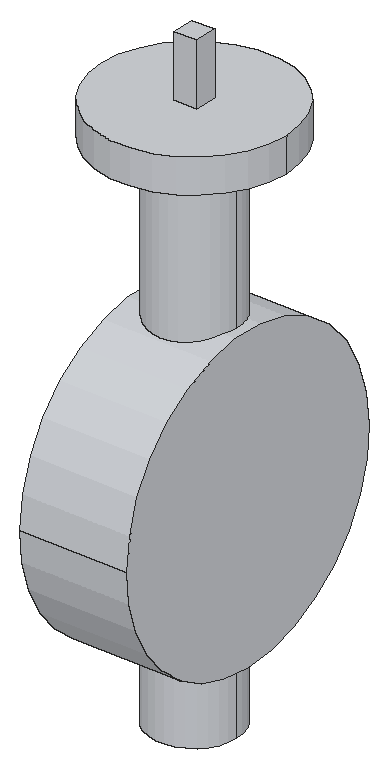
Revit family "HS497-68_disk-nerez_volné vřeteno DN080-RFA_2018", category Pipe Accessories, Revit 2018
Family settings
  Round Connector Dimension = Use Diameter
  Part Type = Valve - Breaks Into
  Work Plane-Based = No
  Always vertical = Yes
  Cut with Voids When Loaded = No
  Shared = No
Parameters (values of type "HS 497-68_DN100_PN16_volné vřeteno")
  magiProductId = "65d1b245f4f142c78569c0602d5754"
  magiProductFamilyId = "53cea81e6f374d17b8841d9c72ad77"
  magiPartTypeId = 305
  isMeasuringValve [instance] = no
  ang2D [instance] = 0.00°
  X11 = 61.456 mm
  X1 = 25.456 mm
  W2D = 1000 mm
  VersionID = "2.0/2017.9.26.1/ZETKAMA_497_001"
  Use Minimum Symbol Size [instance] = yes
  URL = "http://www.hydronic.cz"
  Type Comments = "mezipřírubová; nerezový disk; PN16; -10~+110°C (krátkodobě +120°C)"
  SW30 = no
  SW3 = no
  SW21 = no
  SW20 = no
  SW2 = no
  SW1 = yes
  R = 50 mm
  QmdConnectorList = "301;D;302;D"
  Productdata [instance] = ""
  NC = 50 mm
  Manufacturer = "Hydronic Systems Prague s.r.o."
  MM20 = 25.456 mm
  MC Product Code = "124 100 (nerezový disk, s volným vřetenem; DN100; PN16, kvs512)"
  M41 = 66 mm
  M4 = 44 mm
  LHL = 220 mm
  LHH3 = 2.45 mm
  LHH1 = 46.55 mm
  LH1 = 73.333 mm
  L4R__ve = -L4R  # -12.8 mm
  L4R = 12.8 mm
  L42__ve = -L42  # -96 mm
  L42 = 96 mm
  L41__ve = -L41  # -19.2 mm
  L41 = 19.2 mm
  L2D_Min = 3048 mm
  L2D = 216 mm
  L2 = 26 mm
  L1 = 41.6 mm
  L = 52 mm
  H = 30 mm
  G22 = 11.25 mm
  G2 = 22.5 mm
  G1 = 90 mm
  G = 90 mm
  F = 11 mm
  E44 = 31.25 mm
  E42 = 62.5 mm
  E4 = 125 mm
  E23 = 4.9 mm
  E22 = 19.6 mm
  E21 = 9.8 mm
  Description = "Mezipřírubová uzavírací klapka s volným vřetenem; nerezový disk, DN100; PN16; kvs512"
  DR2 = 50 mm
  DR = 147 mm
  DD1 = 15.625 mm
  DD = 12.5 mm
  D = 100 mm
  CAT0 = yes
  B2__ve = -B2  # -56 mm
  B2 = 56 mm
  A2 = 16.5 mm
  A1 = 98.5 mm
Types (43, lengths in mm): name | magiProductId | X11 | X1 | Type Comments | SW30 | SW3 | SW20 | SW2 | SW1 | R | NC | Manufacturer | MM20 | MC Product Code | M41 | M4 | LHL | LHH3 | LHH1 | LH1 | L4R__ve | L4R | L42__ve | L42 | L41__ve | L41 | L2 | L1 | L | H | G | F | E44 | E42 | E4 | E23 | E22 | E21 | Description | DR2 | DR | DD1 | DD | D | B2__ve | B2 | A2 | A1
  HS 497-68_DN100_PN16_volné vřeteno | "65d1b245f4f142c78569c0602d5754" | 61.456 | 25.456 | "mezipřírubová; nerezový disk; PN16; -10~+110°C (krátkodobě +120°C)" | no | no | no | no | yes | 50 | 50 | "Hydronic Systems Prague s.r.o." | 25.456 | "124 100 (nerezový disk, s volným vřetenem; DN100; PN16, kvs512)" | 66 | 44 | 220 | 2.45 | 46.55 | 73.333 | -12.8 | 12.8 | -96 | 96 | -19.2 | 19.2 | 26 | 41.6 | 52 | 30 | 90 | 11 | 31.25 | 62.5 | 125 | 4.9 | 19.6 | 9.8 | "Mezipřírubová uzavírací klapka s volným vřetenem; nerezový disk, DN100; PN16; kvs512" | 50 | 147 | 15.625 | 12.5 | 100 | -56 | 56 | 16.5 | 98.5
  HS 497-68_DN100_PN16_převodové kolo | "11e91b807e674d428c8e796fcdcfe2" | 61.456 | 25.456 | "mezipřírubová; nerezový disk; PN16; -10~+110°C (krátkodobě +120°C)" | yes | yes | no | no | no | 50 | 50 | "Hydronic Systems Prague s.r.o." | 25.456 | "126 100 (nerezový disk, s převodovým kolem; DN100; PN16, kvs512)" | 65.25 | 43.5 | 220 | 2.45 | 46.55 | 73.333 | -12.8 | 12.8 | -96 | 96 | -19.2 | 19.2 | 26 | 41.6 | 52 | 30 | 90 | 11 | 31.25 | 62.5 | 125 | 4.9 | 19.6 | 9.8 | "Mezipřírubová uzavírací klapka s převodovým kolem; nerezový disk, DN100; PN16; kvs512" | 50 | 147 | 15.625 | 12.5 | 100 | -56 | 56 | 16.5 | 98.5
  HS 497-68_DN100_PN16_s pákou | "28172f0b3f4b47b28323ac71cf8749" | 61.456 | 25.456 | "mezipřírubová; nerezový disk; PN16; -10~+110°C (krátkodobě +120°C)" | no | no | yes | yes | no | 50 | 50 | "Hydronic Systems Prague s.r.o." | 25.456 | "121 100 (nerezový disk, s pákou; DN100; PN16, kvs512)" | 66 | 44 | 260 | 3 | 57 | 86.667 | -12.8 | 12.8 | -96 | 96 | -19.2 | 19.2 | 26 | 41.6 | 52 | 30 | 90 | 11 | 31.25 | 62.5 | 125 | 6 | 24 | 12 | "Mezipřírubová uzavírací klapka s pákou; nerezový disk, DN100; PN16; kvs512" | 50 | 147 | 15.625 | 12.5 | 100 | -56 | 56 | 16.5 | 98.5
  HS 497-68_DN125_PN16_volné vřeteno | "0d813d910fc14f628bb3c2efbd185c" | 61.456 | 25.456 | "mezipřírubová; nerezový disk; PN16; -10~+110°C (krátkodobě +120°C)" | no | no | no | no | yes | 62.5 | 50 | "Hydronic Systems Prague s.r.o." | 25.456 | "124 125 (nerezový disk, s volným vřetenem; DN125; PN16, kvs872)" | 66 | 44 | 220 | 2.45 | 46.55 | 73.333 | -12.8 | 12.8 | -96 | 96 | -19.2 | 19.2 | 28 | 44.8 | 56 | 33 | 90 | 14 | 31.25 | 62.5 | 125 | 4.9 | 19.6 | 9.8 | "Mezipřírubová uzavírací klapka s volným vřetenem; nerezový disk, DN125; PN16; kvs872" | 62.5 | 180 | 15.625 | 12.5 | 125 | -64 | 64 | 18 | 99.5
  HS 497-68_DN125_PN16_převodové kolo | "c56b7c13f372467684996fb1e0e229" | 61.456 | 25.456 | "mezipřírubová; nerezový disk; PN16; -10~+110°C (krátkodobě +120°C)" | yes | yes | no | no | no | 62.5 | 50 | "Hydronic Systems Prague s.r.o." | 25.456 | "126125 (nerezový disk, s převodovým kolem; DN125; PN16, kvs872)" | 65.25 | 43.5 | 220 | 2.45 | 46.55 | 73.333 | -13.5 | 13.5 | -101.25 | 101.25 | -20.25 | 20.25 | 28 | 44.8 | 56 | 33 | 90 | 14 | 40 | 80 | 160 | 4.9 | 19.6 | 9.8 | "Mezipřírubová uzavírací klapka s převodovým kolem; nerezový disk, DN125; PN16; kvs872" | 62.5 | 180 | 20 | 16 | 125 | -64 | 64 | 18 | 99.5
  HS 497-68_DN125_PN16_s pákou | "105993c79a91492399feef7931321a" | 61.456 | 25.456 | "mezipřírubová; nerezový disk; PN16; -10~+110°C (krátkodobě +120°C)" | no | no | yes | yes | no | 62.5 | 50 | "Hydronic Systems Prague s.r.o." | 25.456 | "121 125 (nerezový disk, s pákou; DN125; PN16, kvs872)" | 66 | 44 | 315 | 3.75 | 71.25 | 105 | -12.8 | 12.8 | -96 | 96 | -19.2 | 19.2 | 28 | 44.8 | 56 | 33 | 90 | 14 | 31.25 | 62.5 | 125 | 7.5 | 30 | 15 | "Mezipřírubová uzavírací klapka s pákou; nerezový disk, DN125; PN16; kvs872" | 62.5 | 180 | 15.625 | 12.5 | 125 | -64 | 64 | 18 | 99.5
  HS 497-68_DN150_PN16_volné vřeteno | "50c80cb8ab434f55ab7796e5ac1331" | 61.456 | 25.456 | "mezipřírubová; nerezový disk; PN16; -10~+110°C (krátkodobě +120°C)" | no | no | no | no | yes | 75 | 50 | "Hydronic Systems Prague s.r.o." | 25.456 | "124 150 (nerezový disk, s volným vřetenem; DN150; PN16, kvs1347)" | 66 | 44 | 220 | 2.45 | 46.55 | 73.333 | -12.8 | 12.8 | -96 | 96 | -19.2 | 19.2 | 28 | 44.8 | 56 | 33 | 90 | 14 | 31.25 | 62.5 | 125 | 4.9 | 19.6 | 9.8 | "Mezipřírubová uzavírací klapka s volným vřetenem; nerezový disk, DN150; PN16; kvs1347" | 75 | 206 | 15.625 | 12.5 | 150 | -58 | 58 | 19.3 | 98.7
  HS 497-68_DN150_PN16_převodové kolo | "d94a1a0cf83b476eb10011b327f709" | 61.456 | 25.456 | "mezipřírubová; nerezový disk; PN16; -10~+110°C (krátkodobě +120°C)" | yes | yes | no | no | no | 75 | 50 | "Hydronic Systems Prague s.r.o." | 25.456 | "126 150 (nerezový disk, s převodovým kolem; DN150; PN16, kvs1347)" | 65.25 | 43.5 | 220 | 2.45 | 46.55 | 73.333 | -13.5 | 13.5 | -101.25 | 101.25 | -20.25 | 20.25 | 28 | 44.8 | 56 | 33 | 90 | 14 | 40 | 80 | 160 | 4.9 | 19.6 | 9.8 | "Mezipřírubová uzavírací klapka s převodovým kolem; nerezový disk, DN150; PN16; kvs1347" | 75 | 206 | 20 | 16 | 150 | -58 | 58 | 19.3 | 98.7
  HS 497-68_DN150_PN16_s pákou | "4d2835523fe84828bc50ff0a5a0dfb" | 61.456 | 25.456 | "mezipřírubová; nerezový disk; PN16; -10~+110°C (krátkodobě +120°C)" | no | no | yes | yes | no | 75 | 50 | "Hydronic Systems Prague s.r.o." | 25.456 | "121 150 (nerezový disk, s pákou; DN150; PN16, kvs1347)" | 66 | 44 | 315 | 3.75 | 71.25 | 105 | -12.8 | 12.8 | -96 | 96 | -19.2 | 19.2 | 28 | 44.8 | 56 | 33 | 90 | 14 | 31.25 | 62.5 | 125 | 7.5 | 30 | 15 | "Mezipřírubová uzavírací klapka s pákou; nerezový disk, DN150; PN16; kvs1347" | 75 | 206 | 15.625 | 12.5 | 150 | -58 | 58 | 19.3 | 98.7
  HS 497-68_DN200_PN16_volné vřeteno | "5b29029eaeba47139ee1055a4b9201" | 61.456 | 25.456 | "mezipřírubová; nerezový disk; PN16; -10~+110°C (krátkodobě +120°C)" | no | no | no | no | yes | 100 | 50 | "Hydronic Systems Prague s.r.o." | 25.456 | "124 200 (nerezový disk, s volným vřetenem; DN200; PN16, kvs2675)" | 66 | 44 | 220 | 2.45 | 46.55 | 73.333 | -12.8 | 12.8 | -96 | 96 | -19.2 | 19.2 | 30 | 48 | 60 | 33 | 90 | 17 | 31.25 | 62.5 | 125 | 4.9 | 19.6 | 9.8 | "Mezipřírubová uzavírací klapka s volným vřetenem; nerezový disk, DN200; PN16; kvs2675" | 100 | 257 | 15.625 | 12.5 | 200 | -70 | 70 | 22.5 | 102.5
  HS 497-68_DN200_PN16_převodové kolo | "b2793cc1fcc44cf2a35062cd67c04f" | 61.456 | 25.456 | "mezipřírubová; nerezový disk; PN16; -10~+110°C (krátkodobě +120°C)" | yes | yes | no | no | no | 100 | 57 | "Hydronic Systems Prague s.r.o." | 25.456 | "126 200 (nerezový disk, s převodovým kolem; DN200; PN16, kvs2675)" | 78.75 | 52.5 | 220 | 2.45 | 46.55 | 73.333 | -15.2 | 15.2 | -114 | 114 | -22.8 | 22.8 | 30 | 48 | 60 | 33 | 90 | 17 | 50 | 100 | 200 | 4.9 | 19.6 | 9.8 | "Mezipřírubová uzavírací klapka s převodovým kolem; nerezový disk, DN200; PN16; kvs2675" | 100 | 257 | 25 | 20 | 200 | -70 | 70 | 22.5 | 102.5
  HS 497-68_DN200_PN16_s pákou | "f88d96c7af224537a51e72d7d8fffe" | 61.456 | 25.456 | "mezipřírubová; nerezový disk; PN16; -10~+110°C (krátkodobě +120°C)" | no | no | yes | yes | no | 100 | 50 | "Hydronic Systems Prague s.r.o." | 25.456 | "121 200 (nerezový disk, s pákou; DN200; PN16, kvs2675)" | 66 | 44 | 315 | 3.75 | 71.25 | 105 | -12.8 | 12.8 | -96 | 96 | -19.2 | 19.2 | 30 | 48 | 60 | 33 | 90 | 17 | 31.25 | 62.5 | 125 | 7.5 | 30 | 15 | "Mezipřírubová uzavírací klapka s pákou; nerezový disk, DN200; PN16; kvs2675" | 100 | 257 | 15.625 | 12.5 | 200 | -70 | 70 | 22.5 | 102.5
  HS 497-68_DN250_PN16_volné vřeteno | "b662e8305ca2402b9c510e66e6aa55" | 88.77 | 36.77 | "mezipřírubová; nerezový disk; PN16; -10~+110°C (krátkodobě +120°C)" | no | no | no | no | yes | 125 | 50 | "Hydronic Systems Prague s.r.o." | 36.77 | "124 250 (nerezový disk, s volným vřetenem; DN250; PN16, kvs4555)" | 66 | 44 | 220 | 2.45 | 46.55 | 73.333 | -12.8 | 12.8 | -96 | 96 | -19.2 | 19.2 | 34 | 54.4 | 68 | 23 | 130 | 22 | 31.25 | 62.5 | 125 | 4.9 | 19.6 | 9.8 | "Mezipřírubová uzavírací klapka s volným vřetenem; nerezový disk, DN250; PN16; kvs4555" | 125 | 324 | 15.625 | 12.5 | 250 | -85 | 85 | 28.25 | 129.25
  HS 497-68_DN250_PN16_převodové kolo | "5ee9016806664ddfaa2632711f295c" | 88.77 | 36.77 | "mezipřírubová; nerezový disk; PN16; -10~+110°C (krátkodobě +120°C)" | yes | yes | no | no | no | 125 | 70 | "Hydronic Systems Prague s.r.o." | 36.77 | "126 250 (nerezový disk, s převodovým kolem; DN250; PN16, kvs4555)" | 91.5 | 61 | 220 | 2.45 | 46.55 | 73.333 | -22.2 | 22.2 | -166.5 | 166.5 | -33.3 | 33.3 | 34 | 54.4 | 68 | 23 | 130 | 22 | 62.5 | 125 | 250 | 4.9 | 19.6 | 9.8 | "Mezipřírubová uzavírací klapka s převodovým kolem; nerezový disk, DN250; PN16; kvs4555" | 125 | 324 | 31.25 | 25 | 250 | -85 | 85 | 28.25 | 129.25
  HS 497-68_DN300_PN16_volné vřeteno | "e1886f51ff004380a649519258edf2" | 88.77 | 36.77 | "mezipřírubová; nerezový disk; PN16; -10~+110°C (krátkodobě +120°C)" | no | no | no | no | yes | 150 | 50 | "Hydronic Systems Prague s.r.o." | 36.77 | "124 300 (nerezový disk, s volným vřetenem; DN300; PN16, kvs7037)" | 66 | 44 | 220 | 2.45 | 46.55 | 73.333 | -12.8 | 12.8 | -96 | 96 | -19.2 | 19.2 | 39 | 62.4 | 78 | 23 | 130 | 22 | 31.25 | 62.5 | 125 | 4.9 | 19.6 | 9.8 | "Mezipřírubová uzavírací klapka s volným vřetenem; nerezový disk, DN300; PN16; kvs7037" | 150 | 376 | 15.625 | 12.5 | 300 | -90 | 90 | 30.8 | 127.2
  HS 497-68_DN300_PN16_převodové kolo | "6860f094f77d42088fbebc3c97f755" | 88.77 | 36.77 | "mezipřírubová; nerezový disk; PN16; -10~+110°C (krátkodobě +120°C)" | yes | yes | no | no | no | 150 | 70 | "Hydronic Systems Prague s.r.o." | 36.77 | "126 300 (nerezový disk, s převodovým kolem; DN300; PN16, kvs7037)" | 91.5 | 61 | 220 | 2.45 | 46.55 | 73.333 | -22.2 | 22.2 | -166.5 | 166.5 | -33.3 | 33.3 | 39 | 62.4 | 78 | 23 | 130 | 22 | 62.5 | 125 | 250 | 4.9 | 19.6 | 9.8 | "Mezipřírubová uzavírací klapka s převodovým kolem; nerezový disk, DN300; PN16; kvs7037" | 150 | 376 | 31.25 | 25 | 300 | -90 | 90 | 30.8 | 127.2
  HS 497-68_DN032_PN16_volné vřeteno | "8c5f65de52aa4067a77564107e31b2" | 61.456 | 25.456 | "mezipřírubová; nerezový disk; PN16; -10~+110°C (krátkodobě +120°C)" | no | no | no | no | yes | 16 | 50 | "Hydronic Systems Prague s.r.o." | 25.456 | "124 032 (nerezový disk, s volným vřetenem; DN32; PN16, kvs78)" | 66 | 44 | 220 | 2.45 | 46.55 | 73.333 | -12.8 | 12.8 | -96 | 96 | -19.2 | 19.2 | 16.5 | 26.4 | 33 | 30 | 90 | 11 | 31.25 | 62.5 | 125 | 4.9 | 19.6 | 9.8 | "Mezipřírubová uzavírací klapka s volným vřetenem; nerezový disk, DN32; PN16; kvs78" | 16 | 68 | 15.625 | 12.5 | 32 | -44.2 | 44.2 | 10.25 | 76.25
  HS 497-68_DN032_PN16_převodové kolo | "60aaeffa8b3a4e809ef000e4660060" | 61.456 | 25.456 | "mezipřírubová; nerezový disk; PN16; -10~+110°C (krátkodobě +120°C)" | yes | yes | no | no | no | 16 | 50 | "Hydronic Systems Prague s.r.o." | 25.456 | "126 032 (nerezový disk, s převodovým kolem; DN32; PN16, kvs78)" | 65.25 | 43.5 | 220 | 2.45 | 46.55 | 73.333 | -12.8 | 12.8 | -96 | 96 | -19.2 | 19.2 | 16.5 | 26.4 | 33 | 30 | 90 | 11 | 31.25 | 62.5 | 125 | 4.9 | 19.6 | 9.8 | "Mezipřírubová uzavírací klapka s převodovým kolem; nerezový disk, DN32; PN16; kvs78" | 16 | 68 | 15.625 | 12.5 | 32 | -44.2 | 44.2 | 10.25 | 76.25
  HS 497-68_DN032_PN16_s pákou | "9ad8088d610749a1b871aa2aad8007" | 61.456 | 25.456 | "mezipřírubová; nerezový disk; PN16; -10~+110°C (krátkodobě +120°C)" | no | no | yes | yes | no | 16 | 50 | "Hydronic Systems Prague s.r.o." | 25.456 | "121 032 (nerezový disk, s pákou; DN32; PN16, kvs78)" | 66 | 44 | 220 | 2.45 | 46.55 | 73.333 | -12.8 | 12.8 | -96 | 96 | -19.2 | 19.2 | 16.5 | 26.4 | 33 | 30 | 90 | 11 | 31.25 | 62.5 | 125 | 4.9 | 19.6 | 9.8 | "Mezipřírubová uzavírací klapka s pákou; nerezový disk, DN32; PN16; kvs78" | 16 | 68 | 15.625 | 12.5 | 32 | -44.2 | 44.2 | 10.25 | 76.25
  HS 497-68_DN350_PN10_volné vřeteno | "72a1e05f22944421b7e9596a877137" | 109.255 | 45.255 | "mezipřírubová; nerezový disk; PN10; -10~+110°C (krátkodobě +120°C)" | no | no | no | no | yes | 175 | 50 | "Hydronic Systems Prague s.r.o." | 45.255 | "124 350 (nerezový disk, s volným vřetenem; DN350; PN10, kvs10165)" | 66 | 44 | 220 | 2.45 | 46.55 | 73.333 | -12.8 | 12.8 | -96 | 96 | -19.2 | 19.2 | 39 | 62.4 | 78 | 31 | 160 | 22 | 31.25 | 62.5 | 125 | 4.9 | 19.6 | 9.8 | "Mezipřírubová uzavírací klapka s volným vřetenem; nerezový disk, DN350; PN10; kvs10165" | 175 | 430 | 15.625 | 12.5 | 350 | -88 | 88 | 33.85 | 129.65
  HS 497-68_DN350_PN10_převodové kolo | "a5a01426cb28494ba3afca92f1dace" | 109.255 | 45.255 | "mezipřírubová; nerezový disk; PN10; -10~+110°C (krátkodobě +120°C)" | yes | yes | no | no | no | 175 | 70 | "Hydronic Systems Prague s.r.o." | 45.255 | "126 350 (nerezový disk, s převodovým kolem; DN350; PN10, kvs10165)" | 91.5 | 61 | 220 | 2.45 | 46.55 | 73.333 | -22.2 | 22.2 | -166.5 | 166.5 | -33.3 | 33.3 | 39 | 62.4 | 78 | 31 | 160 | 22 | 62.5 | 125 | 250 | 4.9 | 19.6 | 9.8 | "Mezipřírubová uzavírací klapka s převodovým kolem; nerezový disk, DN350; PN10; kvs10165" | 175 | 430 | 31.25 | 25 | 350 | -88 | 88 | 33.85 | 129.65
  HS 497-68_DN400_PN10_volné vřeteno | "c70ebeb927c04ab99b176e257ad0a7" | 109.255 | 45.255 | "mezipřírubová; nerezový disk; PN10; -10~+110°C (krátkodobě +120°C)" | no | no | no | no | yes | 200 | 50 | "Hydronic Systems Prague s.r.o." | 45.255 | "124 400 (nerezový disk, s volným vřetenem; DN400; PN10, kvs13799)" | 66 | 44 | 220 | 2.45 | 46.55 | 73.333 | -12.8 | 12.8 | -96 | 96 | -19.2 | 19.2 | 51 | 81.6 | 102 | 31 | 160 | 27 | 31.25 | 62.5 | 125 | 4.9 | 19.6 | 9.8 | "Mezipřírubová uzavírací klapka s volným vřetenem; nerezový disk, DN400; PN10; kvs13799" | 200 | 485 | 15.625 | 12.5 | 400 | -108 | 108 | 38 | 142
  HS 497-68_DN400_PN10_převodové kolo | "cc64a4384dcb41b780d81810f4f293" | 109.255 | 45.255 | "mezipřírubová; nerezový disk; PN10; -10~+110°C (krátkodobě +120°C)" | yes | yes | no | no | no | 200 | 72.5 | "Hydronic Systems Prague s.r.o." | 45.255 | "126 400 (nerezový disk, s převodovým kolem; DN400; PN10, kvs13799)" | 103.5 | 69 | 220 | 2.45 | 46.55 | 73.333 | -27.8 | 27.8 | -208.5 | 208.5 | -41.7 | 41.7 | 51 | 81.6 | 102 | 31 | 160 | 27 | 75 | 150 | 300 | 4.9 | 19.6 | 9.8 | "Mezipřírubová uzavírací klapka s převodovým kolem; nerezový disk, DN400; PN10; kvs13799" | 200 | 485 | 37.5 | 30 | 400 | -108 | 108 | 38 | 142
  HS 497-68_DN040_PN16_volné vřeteno | "35f92312390745e88df5b5c325d9ee" | 61.456 | 25.456 | "mezipřírubová; nerezový disk; PN16; -10~+110°C (krátkodobě +120°C)" | no | no | no | no | yes | 20 | 50 | "Hydronic Systems Prague s.r.o." | 25.456 | "124 040 (nerezový disk, s volným vřetenem; DN40; PN16, kvs78)" | 66 | 44 | 220 | 2.45 | 46.55 | 73.333 | -12.8 | 12.8 | -96 | 96 | -19.2 | 19.2 | 16.5 | 26.4 | 33 | 30 | 90 | 11 | 31.25 | 62.5 | 125 | 4.9 | 19.6 | 9.8 | "Mezipřírubová uzavírací klapka s volným vřetenem; nerezový disk, DN40; PN16; kvs78" | 20 | 76 | 15.625 | 12.5 | 40 | -36 | 36 | 11 | 79
  HS 497-68_DN040_PN16_převodové kolo | "d88e968eae3445bc9b7b4e6ff35127" | 61.456 | 25.456 | "mezipřírubová; nerezový disk; PN16; -10~+110°C (krátkodobě +120°C)" | yes | yes | no | no | no | 20 | 50 | "Hydronic Systems Prague s.r.o." | 25.456 | "126 040 (nerezový disk, s převodovým kolem; DN40; PN16, kvs78)" | 65.25 | 43.5 | 220 | 2.45 | 46.55 | 73.333 | -12.8 | 12.8 | -96 | 96 | -19.2 | 19.2 | 16.5 | 26.4 | 33 | 30 | 90 | 11 | 31.25 | 62.5 | 125 | 4.9 | 19.6 | 9.8 | "Mezipřírubová uzavírací klapka s převodovým kolem; nerezový disk, DN40; PN16; kvs78" | 20 | 76 | 15.625 | 12.5 | 40 | -36 | 36 | 11 | 79
  HS 497-68_DN040_PN16_s pákou | "c1b522ca65b4407a98818f232eaacb" | 61.456 | 25.456 | "mezipřírubová; nerezový disk; PN16; -10~+110°C (krátkodobě +120°C)" | no | no | yes | yes | no | 20 | 50 | "Hydronic Systems Prague s.r.o." | 25.456 | "121 040 (nerezový disk, s pákou; DN40; PN16, kvs78)" | 66 | 44 | 220 | 2.45 | 46.55 | 73.333 | -12.8 | 12.8 | -96 | 96 | -19.2 | 19.2 | 16.5 | 26.4 | 33 | 30 | 90 | 11 | 31.25 | 62.5 | 125 | 4.9 | 19.6 | 9.8 | "Mezipřírubová uzavírací klapka s pákou; nerezový disk, DN40; PN16; kvs78" | 20 | 76 | 15.625 | 12.5 | 40 | -36 | 36 | 11 | 79
  HS 497-68_DN450_PN10_volné vřeteno | "a8358bc282f14872b3194e530e590a" | 129.74 | 53.74 | "mezipřírubová; nerezový disk; PN10; -10~+110°C (krátkodobě +120°C)" | no | no | no | no | yes | 225 | 50 | "Hydronic Systems Prague s.r.o." | 53.74 | "124 450 (nerezový disk, s volným vřetenem; DN450; PN10, kvs18514)" | 66 | 44 | 220 | 2.45 | 46.55 | 73.333 | -12.8 | 12.8 | -96 | 96 | -19.2 | 19.2 | 57 | 91.2 | 114 | 38 | 190 | 36 | 31.25 | 62.5 | 125 | 4.9 | 19.6 | 9.8 | "Mezipřírubová uzavírací klapka s volným vřetenem; nerezový, DN450; PN10; kvs18514" | 225 | 536 | 15.625 | 12.5 | 450 | -115 | 115 | 38.05 | 117.45
  HS 497-68_DN450_PN10_převodové kolo | "cdf2d80f54a9414f9cbe50647c0ebd" | 129.74 | 53.74 | "mezipřírubová; nerezový disk; PN10; -10~+110°C (krátkodobě +120°C)" | yes | yes | no | no | no | 225 | 91.5 | "Zetkama" | 53.74 | "126 450 (nerezový disk, s převodovým kolem; DN450; PN10, kvs18514)" | 144.75 | 96.5 | 220 | 2.45 | 46.55 | 73.333 | -32.1 | 32.1 | -240.75 | 240.75 | -48.15 | 48.15 | 57 | 91.2 | 114 | 38 | 190 | 36 | 100 | 200 | 400 | 4.9 | 19.6 | 9.8 | "Mezipřírubová uzavírací klapka s převodovým kolem; nerezový disk, DN450; PN10; kvs18514" | 225 | 536 | 50 | 40 | 450 | -115 | 115 | 38.05 | 117.45
  HS 497-68_DN500_PN10_volné vřeteno | "8c396e27bb2743f98f3c762b6517cd" | 143.397 | 59.397 | "mezipřírubová; nerezový disk; PN10; -10~+110°C (krátkodobě +120°C)" | no | no | no | no | yes | 250 | 50 | "Hydronic Systems Prague s.r.o." | 59.397 | "124 500 (nerezový disk, s volným vřetenem; DN500; PN10, kvs23805)" | 66 | 44 | 220 | 2.45 | 46.55 | 73.333 | -12.8 | 12.8 | -96 | 96 | -19.2 | 19.2 | 63.5 | 101.6 | 127 | 38 | 210 | 36 | 31.25 | 62.5 | 125 | 4.9 | 19.6 | 9.8 | "Mezipřírubová uzavírací klapka s volným vřetenem; nerezový disk, DN500; PN10; kvs23805" | 250 | 593 | 15.625 | 12.5 | 500 | -130 | 130 | 43.25 | 139.25
  HS 497-68_DN500_PN10_převodové kolo | "7647804f32e94cef828a7034a91a46" | 143.397 | 59.397 | "mezipřírubová; nerezový disk; PN10; -10~+110°C (krátkodobě +120°C)" | yes | yes | no | no | no | 250 | 91.5 | "Zetkama" | 59.397 | "126 500 (nerezový disk, s převodovým kolem; DN500; PN10, kvs23805)" | 144.75 | 96.5 | 220 | 2.45 | 46.55 | 73.333 | -32.1 | 32.1 | -240.75 | 240.75 | -48.15 | 48.15 | 63.5 | 101.6 | 127 | 38 | 210 | 36 | 100 | 200 | 400 | 4.9 | 19.6 | 9.8 | "Mezipřírubová uzavírací klapka s převodovým kolem; nerezový disk, DN500; PN10; kvs23805" | 250 | 593 | 50 | 40 | 500 | -130 | 130 | 43.25 | 139.25
  HS 497-68_DN050_volné vřeteno | "d71f296ecd6d4adf8f6e5d9853b4e0" | 61.456 | 25.456 | "mezipřírubová; nerezový disk; PN16; -10~+110°C (krátkodobě +120°C)" | no | no | no | no | yes | 25 | 50 | "Hydronic Systems Prague s.r.o." | 25.456 | "124 050 (nerezový disk, s volným vřetenem; DN50; PN16, kvs98)" | 66 | 44 | 220 | 2.45 | 46.55 | 73.333 | -12.8 | 12.8 | -96 | 96 | -19.2 | 19.2 | 21.5 | 34.4 | 43 | 30 | 90 | 11 | 31.25 | 62.5 | 125 | 4.9 | 19.6 | 9.8 | "Mezipřírubová uzavírací klapka s volným vřetenem; nerezový disk, DN50; PN16; kvs98" | 25 | 100 | 15.625 | 12.5 | 50 | -36.5 | 36.5 | 12 | 83
  HS 497-68_DN050_PN16_převodové kolo | "2fb080deeaed49c58418b94c1da5a4" | 61.456 | 25.456 | "mezipřírubová; nerezový disk; PN16; -10~+110°C (krátkodobě +120°C)" | yes | yes | no | no | no | 25 | 50 | "Hydronic Systems Prague s.r.o." | 25.456 | "126 050 (nerezový disk, s převodovým kolem; DN50; PN16, kvs98)" | 65.25 | 43.5 | 220 | 2.45 | 46.55 | 73.333 | -12.8 | 12.8 | -96 | 96 | -19.2 | 19.2 | 21.5 | 34.4 | 43 | 30 | 90 | 11 | 31.25 | 62.5 | 125 | 4.9 | 19.6 | 9.8 | "Mezipřírubová uzavírací klapka s převodovým kolem; nerezový disk, DN50; PN16; kvs98" | 25 | 100 | 15.625 | 12.5 | 50 | -36.5 | 36.5 | 12 | 83
  HS 497-68_DN050_PN16_s pákou | "dabc632061f94877a994b9b4e68112" | 61.456 | 25.456 | "mezipřírubová; nerezový disk; PN16; -10~+110°C (krátkodobě +120°C)" | no | no | yes | yes | no | 25 | 50 | "Hydronic Systems Prague s.r.o." | 25.456 | "121 050 (nerezový disk, s pákou; DN50; PN16, kvs98)" | 66 | 44 | 220 | 2.45 | 46.55 | 73.333 | -12.8 | 12.8 | -96 | 96 | -19.2 | 19.2 | 21.5 | 34.4 | 43 | 30 | 90 | 11 | 31.25 | 62.5 | 125 | 4.9 | 19.6 | 9.8 | "Mezipřírubová uzavírací klapka s pákou; nerezový disk, DN50; PN16; kvs98" | 25 | 100 | 15.625 | 12.5 | 50 | -36.5 | 36.5 | 12 | 83
  HS 497-68_DN600_PN10_volné vřeteno | "99d5892c14664fce81a7c5903f7711" | 143.397 | 59.397 | "mezipřírubová; nerezový disk; PN10; -10~+110°C (krátkodobě +120°C)" | no | no | no | no | yes | 300 | 50 | "Hydronic Systems Prague s.r.o." | 59.397 | "124 600 (nerezový disk, s volným vřetenem; DN600; PN10, kvs36778)" | 66 | 44 | 220 | 2.45 | 46.55 | 73.333 | -12.8 | 12.8 | -96 | 96 | -19.2 | 19.2 | 77 | 123.2 | 154 | 80 | 210 | 60 | 31.25 | 62.5 | 125 | 4.9 | 19.6 | 9.8 | "Mezipřírubová uzavírací klapka s volným vřetenem; nerezový disk, DN600; PN10; kvs36788" | 300 | 690 | 15.625 | 12.5 | 600 | -140 | 140 | 49.4 | 144.6
  HS 497-68_DN600_PN10_převodové kolo | "b1e26faab48a4c499f6bb11e7e3002" | 143.397 | 59.397 | "mezipřírubová; lnerezový disk; PN10; -10~+110°C (krátkodobě +120°C)" | yes | yes | no | no | no | 300 | 140 | "Hydronic Systems Prague s.r.o." | 59.397 | "126 600 (nerezový disk, s převodovým kolem; DN600; PN10, kvs36778)" | 206.25 | 137.5 | 220 | 2.45 | 46.55 | 73.333 | -40.8 | 40.8 | -306 | 306 | -61.2 | 61.2 | 77 | 123.2 | 154 | 80 | 210 | 60 | 125 | 250 | 500 | 4.9 | 19.6 | 9.8 | "Mezipřírubová uzavírací klapka s převodovým kolem; nerezový disk, DN600; PN10; kvs36788" | 300 | 690 | 62.5 | 50 | 600 | -140 | 140 | 49.4 | 144.6
  HS 497-68_DN065_PN16_volné vřeteno | "5e5e208646e34ec29f889baab5d08e" | 61.456 | 25.456 | "mezipřírubová; lnerezový disk; PN16; -10~+110°C (krátkodobě +120°C)" | no | no | no | no | yes | 32.5 | 50 | "Hydronic Systems Prague s.r.o." | 25.456 | "124 065 (nerezový disk, s volným vřetenem; DN65; PN16, kvs167)" | 66 | 44 | 220 | 2.45 | 46.55 | 73.333 | -12.8 | 12.8 | -96 | 96 | -19.2 | 19.2 | 23 | 36.8 | 46 | 30 | 90 | 11 | 31.25 | 62.5 | 125 | 4.9 | 19.6 | 9.8 | "Mezipřírubová uzavírací klapka s volným vřetenem; nerezový disk, DN65; PN16; kv167" | 32.5 | 108 | 15.625 | 12.5 | 65 | -36.5 | 36.5 | 13.5 | 89
  HS 497-68_DN065_PN16_převodové kolo | "654d74c8d15540b0bfe523d988ccb3" | 61.456 | 25.456 | "mezipřírubová; nerezový disk; PN16; -10~+110°C (krátkodobě +120°C)" | yes | yes | no | no | no | 32.5 | 50 | "Hydronic Systems Prague s.r.o." | 25.456 | "126 065 (nerezový disk, s převodovým kolem; DN65; PN16, kvs167)" | 65.25 | 43.5 | 220 | 2.45 | 46.55 | 73.333 | -12.8 | 12.8 | -96 | 96 | -19.2 | 19.2 | 23 | 36.8 | 46 | 30 | 90 | 11 | 31.25 | 62.5 | 125 | 4.9 | 19.6 | 9.8 | "Mezipřírubová uzavírací klapka s převodovým kolem; nerezový disk, DN65; PN16; kvs167" | 32.5 | 108 | 15.625 | 12.5 | 65 | -36.5 | 36.5 | 13.5 | 89
  HS 497-68_DN065_PN16_s pákou | "ebeb4b59db0641caaf6d6635ab37b9" | 61.456 | 25.456 | "mezipřírubová; nerezový disk; PN16; -10~+110°C (krátkodobě +120°C)" | no | no | yes | yes | no | 32.5 | 50 | "Hydronic Systems Prague s.r.o." | 25.456 | "121 065 (nerezový disk, s pákou; DN65; PN16, kvs167)" | 66 | 44 | 220 | 2.45 | 46.55 | 73.333 | -12.8 | 12.8 | -96 | 96 | -19.2 | 19.2 | 23 | 36.8 | 46 | 30 | 90 | 11 | 31.25 | 62.5 | 125 | 4.9 | 19.6 | 9.8 | "Mezipřírubová uzavírací klapka s pákou; nerezový disk, DN65; PN16; kvs167" | 32.5 | 108 | 15.625 | 12.5 | 65 | -36.5 | 36.5 | 13.5 | 89
  HS 497-68_DN080_PN16_volné vřeteno | "9e85c75c18654e1185a9c48ed6b00e" | 61.456 | 25.456 | "mezipřírubová; nerezový disk; PN16; -10~+110°C (krátkodobě +120°C)" | no | no | no | no | yes | 40 | 50 | "Hydronic Systems Prague s.r.o." | 25.456 | "124 080 (nerezový disk, s volným vřetenem; DN80; PN16, kvs258)" | 66 | 44 | 220 | 2.45 | 46.55 | 73.333 | -12.8 | 12.8 | -96 | 96 | -19.2 | 19.2 | 23 | 36.8 | 46 | 30 | 90 | 11 | 31.25 | 62.5 | 125 | 4.9 | 19.6 | 9.8 | "Mezipřírubová uzavírací klapka s volným vřetenem; nerezový disk, DN80; PN16; kvs258" | 40 | 124 | 15.625 | 12.5 | 80 | -54 | 54 | 14.1 | 86.9
  HS 497-68_DN080_PN16_převodové kolo | "5b3c8238c3d041e68c75b199e7ea46" | 61.456 | 25.456 | "mezipřírubová; nerezový disk; PN16; -10~+110°C (krátkodobě +120°C)" | yes | yes | no | no | no | 40 | 50 | "Hydronic Systems Prague s.r.o." | 25.456 | "126 080 (nerezový disk, s převodovým kolem; DN80; PN16, kvs258)" | 65.25 | 43.5 | 220 | 2.45 | 46.55 | 73.333 | -12.8 | 12.8 | -96 | 96 | -19.2 | 19.2 | 23 | 36.8 | 46 | 30 | 90 | 11 | 31.25 | 62.5 | 125 | 4.9 | 19.6 | 9.8 | "Mezipřírubová uzavírací klapka s převodovým kolem; nerezový disk, DN80; PN16; kvs258" | 40 | 124 | 15.625 | 12.5 | 80 | -54 | 54 | 14.1 | 86.9
  HS 497-68_DN080_PN16_s pákou | "e414795fab0f4eccb99bc3572c5477" | 61.456 | 25.456 | "mezipřírubová; nerezový disk; PN16; -10~+110°C (krátkodobě +120°C)" | no | no | yes | yes | no | 40 | 50 | "Hydronic Systems Prague s.r.o." | 25.456 | "121 080 (nerezový disk, s pákou; DN80; PN16, kvs258)" | 66 | 44 | 260 | 3 | 57 | 86.667 | -12.8 | 12.8 | -96 | 96 | -19.2 | 19.2 | 23 | 36.8 | 46 | 30 | 90 | 11 | 31.25 | 62.5 | 125 | 6 | 24 | 12 | "Mezipřírubová uzavírací klapka s pákou; nerezový disk, DN80; PN16; kvs258" | 40 | 124 | 15.625 | 12.5 | 80 | -54 | 54 | 14.1 | 86.9
  HS 497-68_DN250_PN16_s pákou | "" | 88.77 | 36.77 | "mezipřírubová; nerezový disk; PN16; -10~+110°C (krátkodobě +120°C)" | no | no | yes | yes | no | 125 | 70 | "Hydronic Systems Prague s.r.o." | 36.77 | "121 250 (nerezový disk, s ákou; DN250; PN16, kvs4555)" | 91.5 | 61 | 220 | 2.45 | 46.55 | 73.333 | -22.2 | 22.2 | -166.5 | 166.5 | -33.3 | 33.3 | 34 | 54.4 | 68 | 23 | 130 | 22 | 62.5 | 125 | 250 | 4.9 | 19.6 | 9.8 | "Mezipřírubová uzavírací klapka s pákou; nerezový disk, DN250; PN16; kvs4555" | 125 | 324 | 31.25 | 25 | 250 | -85 | 85 | 28.25 | 129.25
  HS 497-68_DN300_PN16_s pákou | "" | 88.77 | 36.77 | "mezipřírubová; nerezový disk; PN16; -10~+110°C (krátkodobě +120°C)" | no | no | yes | yes | no | 150 | 70 | "Hydronic Systems Prague s.r.o." | 36.77 | "121 300 (nerezový disk, s pákou; DN300; PN16, kvs7037)" | 91.5 | 61 | 220 | 2.45 | 46.55 | 73.333 | -22.2 | 22.2 | -166.5 | 166.5 | -33.3 | 33.3 | 39 | 62.4 | 78 | 23 | 130 | 22 | 62.5 | 125 | 250 | 4.9 | 19.6 | 9.8 | "Mezipřírubová uzavírací klapka s pákou; nerezový disk, DN300; PN16; kvs7037" | 150 | 376 | 31.25 | 25 | 300 | -90 | 90 | 30.8 | 127.2
Reference planes
  plane 1 "Center (Front/Back)": y = 0
  plane 2 "XYPLANE": z = 0
  plane 3 "Center (Left/Right)": x = 0
  plane 4 "473": x = -25.456
  plane 5 "472": x = -66
  plane 6 "471": y = -25.456
  plane 7 "470": y = 25.456
  plane 8 "469": x = -44
  plane 9 "468": y = -115.2
  plane 10 "467": y = -96
  plane 11 "466": z = 196.25
  plane 12 "465": z = 211.55
  plane 13 "464": y = 145.417
  plane 14 "463": z = 201.75
  plane 15 "462": z = 184.6
  plane 16 "461": z = 194.4
  plane 17 "460": y = 72.083
  plane 18 "459": x = -11.25
  plane 19 "458": x = 11.25
  plane 20 "457": y = -6.25
  plane 21 "456": x = -17.5
  plane 22 "455": x = 17.5
  plane 23 "454": z = 199.3
  plane 24 "453": y = 62.083
  plane 25 "452": y = -11.25
  plane 26 "451": x = -22.5
  plane 27 "450": x = 22.5
  plane 28 "449": z = 179.7
  plane 29 "448": z = 174.8
  plane 30 "447": z = -50
  plane 31 "446": z = 165
  plane 32 "445": z = 148.5
  plane 33 "444": z = 50
  plane 34 "443": x = 26
  plane 35 "442": x = -26
  plane 36 "441": z = 0
  plane 37 "440": y = 0
  plane 38 "439": x = 0
  plane 39 "438": z = 214
  plane 40 "437": z = 199.3
  plane 41 "436": x = 13.7
  plane 42 "435": x = -13.7
  plane 43 "434": y = 220
Forms (mm)
  Extrusion 1, solid, visible <- "SW3"
    sketch origin (-750, 0, 165) x (1, 0, 0) y (0, 1, 0)
      loop
        line (684, 25.456) -> (684, -25.456) -> (724.544, -25.456)
        arc (724.544, -25.456) -> (786, 0) -> (724.544, 25.456) r 36
        line (724.544, 25.456) -> (684, 25.456)
    from 0 to 62.5 <- "E42"
  Extrusion 2, solid, visible <- "SW30"
    sketch origin (0, -750, 0) x (0, 1, 0) y (0, 0, 1)
      loop
        circle (750, 196.25) r 7.813
    from 0 to 50 <- "NC"
  Extrusion 3, solid, visible <- "SW30"
    sketch origin (750, -115.2, 0) x (-1, 0, 0) y (0, 0, 1)
      loop
        circle (794, 196.25) r 62.5
    from 0 to -12.8 <- "L4R__ve"
  Extrusion 4, solid, visible <- "SW3"
    sketch origin (750, -96, 0) x (-1, 0, 0) y (0, 0, 1)
      loop
        circle (794, 196.25) r 7.813
    from 0 to -19.2 <- "L41__ve"
  Extrusion 5, solid, visible <- "SW30"
    sketch origin (750, 0, 0) x (-1, 0, 0) y (0, 0, 1)
      loop
        circle (794, 196.25) r 6.25
    from 0 to -96 <- "L42__ve"
  Blend 6, solid, visible <- "SW21"
    base sketch origin (750, 72.083, 0) x (-1, 0, 0) y (0, 0, 1)
      loop
        line (761.25, 194.4) -> (738.75, 194.4) -> (738.75, 184.6) -> (761.25, 184.6) -> (761.25, 194.4)
    top sketch origin (750, 72.083, 0) x (-1, 0, 0) y (0, 0, 1)
      loop
        line (761.25, 211.55) -> (738.75, 211.55) -> (738.75, 201.75) -> (761.25, 201.75) -> (761.25, 211.55)
    from 0 to 73.333
  Blend 7, solid, visible <- "SW21"
    base sketch origin (750, 62.083, 0) x (-1, 0, 0) y (0, 0, 1)
      loop
        line (761.25, 199.3) -> (738.75, 199.3) -> (738.75, 179.7) -> (761.25, 179.7) -> (761.25, 199.3)
    top sketch origin (750, 62.083, 0) x (-1, 0, 0) y (0, 0, 1)
      loop
        line (761.25, 194.4) -> (738.75, 194.4) -> (738.75, 184.6) -> (761.25, 184.6) -> (761.25, 194.4)
    from 0 to 10
  Blend 8, solid, visible <- "SW21"
    base sketch origin (-750, 0, 179.7) x (1, 0, 0) y (0, 1, 0)
      loop
        line (772.5, 62.083) -> (727.5, 62.083) -> (727.5, -11.25)
        arc (727.5, -11.25) -> (750, -31.25) -> (772.5, -11.25) r 22.656
        line (772.5, -11.25) -> (772.5, 62.083)
    top sketch origin (-750, 0, 179.7) x (1, 0, 0) y (0, 1, 0)
      loop
        line (767.5, 62.083) -> (732.5, 62.083) -> (732.5, -6.25)
        arc (732.5, -6.25) -> (750, -26.25) -> (767.5, -6.25) r 17.656
        line (767.5, -6.25) -> (767.5, 62.083)
    from 0 to 19.6
  Extrusion 9, solid, visible <- "SW2"
    sketch origin (-750, 0, 174.8) x (1, 0, 0) y (0, 1, 0)
      loop
        circle (750, 0) r 11.25
    from 0 to 4.9 <- "E23"
  Extrusion 10, solid, visible <- "SW2"
    sketch origin (-750, 0, 165) x (1, 0, 0) y (0, 1, 0)
      loop
        circle (750, 0) r 45
    from 0 to 9.8 <- "E21"
  Extrusion 11, solid, visible <- "CAT0"
    sketch origin (-750, 0, -50) x (1, 0, 0) y (0, 1, 0)
      loop
        circle (750, 0) r 20.8
    from 0 to -56 <- "B2__ve"
  Extrusion 12, solid, visible <- "CAT0"
    sketch origin (-750, 0, 148.5) x (1, 0, 0) y (0, 1, 0)
      loop
        circle (750, 0) r 45
    from 0 to 16.5 <- "A2"
  Extrusion 13, solid, visible <- "CAT0"
    sketch origin (-750, 0, 50) x (1, 0, 0) y (0, 1, 0)
      loop
        circle (750, 0) r 20.8
    from 0 to 98.5 <- "A1"
  Extrusion 14, solid, visible <- "CAT0"
    sketch origin (-26, -750, 0) x (0, 1, 0) y (0, 0, 1)
      loop
        circle (750, 0) r 73.5
    from 0 to 52 <- "L"
  Extrusion 15, solid, visible <- "SW1"
    sketch origin (-750, 0, 165) x (1, 0, 0) y (0, 1, 0)
      loop
        line (755.5, 5.5) -> (744.5, 5.5) -> (744.5, -5.5) -> (755.5, -5.5) -> (755.5, 5.5)
    from 0 to 30 <- "H"
  Blend 16, solid, visible <- "SW2"
    base sketch origin (750, 145.417, 0) x (-1, 0, 0) y (0, 0, 1)
      loop
        arc (763.7, 209) -> (762.236, 212.536) -> (758.7, 214) r 5
        line (758.7, 214) -> (741.3, 214)
        arc (741.3, 214) -> (737.764, 212.536) -> (736.3, 209) r 5
        line (736.3, 209) -> (736.3, 204.3)
        arc (736.3, 204.3) -> (737.764, 200.764) -> (741.3, 199.3) r 5
        line (741.3, 199.3) -> (758.7, 199.3)
        arc (758.7, 199.3) -> (762.236, 200.764) -> (763.7, 204.3) r 5
        line (763.7, 204.3) -> (763.7, 209)
    top sketch origin (750, 145.417, 0) x (-1, 0, 0) y (0, 0, 1)
      loop
        arc (763.7, 209) -> (762.236, 212.536) -> (758.7, 214) r 5
        line (758.7, 214) -> (741.3, 214)
        arc (741.3, 214) -> (737.764, 212.536) -> (736.3, 209) r 5
        line (736.3, 209) -> (736.3, 204.3)
        arc (736.3, 204.3) -> (737.764, 200.764) -> (741.3, 199.3) r 5
        line (741.3, 199.3) -> (758.7, 199.3)
        arc (758.7, 199.3) -> (762.236, 200.764) -> (763.7, 204.3) r 5
        line (763.7, 204.3) -> (763.7, 209)
    from 0 to 74.583
  Blend 17, solid, visible <- "SW20"
    base sketch origin (750, 145.417, 0) x (-1, 0, 0) y (0, 0, 1)
      loop
        line (763.7, 214) -> (736.3, 214) -> (736.3, 199.3) -> (763.7, 199.3) -> (763.7, 214)
    top sketch origin (750, 145.417, 0) x (-1, 0, 0) y (0, 0, 1)
      loop
        line (761.25, 199.3) -> (738.75, 199.3) -> (738.75, 179.7) -> (761.25, 179.7) -> (761.25, 199.3)
    from 0 to -83.333
  Extrusion 18, solid, visible <- "SW20"
    sketch origin (-750, 0, 179.7) x (1, 0, 0) y (0, 1, 0)
      loop
        line (772.5, 62.083) -> (727.5, 62.083) -> (727.5, -11.25)
        arc (727.5, -11.25) -> (750, -31.25) -> (772.5, -11.25) r 22.656
        line (772.5, -11.25) -> (772.5, 62.083)
    from 0 to 19.6 <- "E22"
  Extrusion 19, solid, not visible
    sketch origin (-26, -750, 0) x (0, 1, 0) y (0, 0, 1)
      loop
        circle (750, 0) r 10
    from 0 to 10
  Extrusion 20, solid, not visible
    sketch origin (26, -750, 0) x (0, 1, 0) y (0, 0, 1)
      loop
        circle (750, 0) r 10
    from 0 to -10
Lines and regions (mm)
  reference lines, not visible
    curve 1: circle (2, 2, 0) r 1 normal (0, 0, 1)
  reference lines
    curve 2: line (-25.456, -25.456, 165) -> (-25.456, 25.456, 165)
    curve 3: line (-17.5, -6.25, 179.7) -> (17.5, -6.25, 179.7)
    curve 4: line (-22.5, -11.25, 179.7) -> (22.5, -11.25, 179.7)
    curve 5: circle (0, 0, 165) r 1 normal (0, 0, 1)
    curve 6: line (-22.5, -11.25, 179.7) -> (22.5, -11.25, 179.7)
Dimensions and locks
  plane 1 "Center (Front/Back)" to curve 1 = 2 mm
  "X1": plane 3 "Center (Left/Right)" to plane 4 "473"
  "M41": plane 3 "Center (Left/Right)" to plane 5 "472"
  "MM20": plane 1 "Center (Front/Back)" to plane 6 "471"
  "MM20": plane 1 "Center (Front/Back)" to plane 7 "470"
  "M4": plane 3 "Center (Left/Right)" to plane 8 "469"
  "L41": plane 10 "467" to plane 9 "468"
  "L42": plane 1 "Center (Front/Back)" to plane 10 "467"
  "E44": plane 31 "446" to plane 11 "466"
  "LHH1": plane 31 "446" to plane 12 "465"
  "LH1": plane 17 "460" to plane 13 "464"
  "E21": plane 12 "465" to plane 14 "463"
  "E21": plane 16 "461" to plane 15 "462"
  "E23": plane 23 "454" to plane 16 "461"
  locked: plane 24 "453" to plane 17 "460" at 10
  "G22": plane 3 "Center (Left/Right)" to plane 18 "459"
  "G22": plane 3 "Center (Left/Right)" to plane 19 "458"
  locked: plane 25 "452" to plane 20 "457" at 5
  locked: plane 26 "451" to plane 21 "456" at 5
  locked: plane 27 "450" to plane 22 "455" at 5
  "E22": plane 28 "449" to plane 23 "454"
  "LH1": plane 25 "452" to plane 24 "453"
  "G22": plane 1 "Center (Front/Back)" to plane 25 "452"
  "G2": plane 3 "Center (Left/Right)" to plane 26 "451"
  "G2": plane 3 "Center (Left/Right)" to plane 27 "450"
  "E23": plane 29 "448" to plane 28 "449"
  "E21": plane 31 "446" to plane 29 "448"
  "R": plane 2 "XYPLANE" to plane 30 "447"
  "A2": plane 32 "445" to plane 31 "446"
  "A1": plane 33 "444" to plane 32 "445"
  "DR2": plane 2 "XYPLANE" to plane 33 "444"
  "L2": plane 3 "Center (Left/Right)" to plane 34 "443"
  "L2": plane 3 "Center (Left/Right)" to plane 35 "442"
  locked: plane 2 "XYPLANE" to plane 36 "441"
  locked: plane 1 "Center (Front/Back)" to plane 37 "440"
  locked: plane 3 "Center (Left/Right)" to plane 38 "439"
  "LHH3": plane 12 "465" to plane 39 "438"
  "LHH3": plane 14 "463" to plane 40 "437"
  "LHH3": plane 19 "458" to plane 41 "436"
  "LHH3": plane 18 "459" to plane 42 "435"
  "LHL": plane 1 "Center (Front/Back)" to plane 43 "434"
  "X11": curve 2 to Extrusion 1 sketch curve
  Extrusion 1 sketch curve to Extrusion 1 sketch curve = 0 mm  (x8)
  Blend 6 sketch curve to Blend 6 sketch curve = 0 mm  (x16)
  Blend 7 sketch curve to Blend 7 sketch curve = 0 mm  (x16)
  Blend 8 sketch curve to Blend 8 sketch curve = 0 mm  (x16)
  equal spacing: Extrusion 15 sketch curve, curve 5, Extrusion 15 sketch curve  (x2)
  "F": Extrusion 15 sketch curve to Extrusion 15 sketch curve  (x2)
  Blend 16 sketch curve to Blend 16 sketch curve = 0 mm  (x32)
  Blend 17 sketch curve to Blend 17 sketch curve = 0 mm  (x16)
  Extrusion 18 sketch curve to Extrusion 18 sketch curve = 0 mm  (x8)
  "DD1": diameter of Extrusion 2 sketch curve
  "E4": diameter of Extrusion 3 sketch curve
  "DD1": diameter of Extrusion 4 sketch curve
  "DD": diameter of Extrusion 5 sketch curve
  "G2": diameter of Extrusion 9 sketch curve
  "G1": diameter of Extrusion 10 sketch curve
  "L1": diameter of Extrusion 11 sketch curve
  "G": diameter of Extrusion 12 sketch curve
  "L1": diameter of Extrusion 13 sketch curve
  "DR": diameter of Extrusion 14 sketch curve
  radius of Blend 16 sketch curve = 5 mm  (x8)
  aligned and locked: level to plane 2 "XYPLANE"
  aligned and locked: Extrusion 1 sketch curve to plane 5 "472"
  aligned and locked: plane 7 "470" to Extrusion 1 sketch curve
  aligned and locked: plane 6 "471" to Extrusion 1 sketch curve
  aligned and locked: plane 5 "472" to Extrusion 1 sketch curve
  aligned and locked: plane 4 "473" to Extrusion 1 sketch curve  (x2)
  aligned and locked: plane 4 "473" to curve 2
  aligned and locked: plane 6 "471" to curve 2
  aligned and locked: plane 7 "470" to curve 2
  aligned and locked: Extrusion 1 sketch curve to plane 7 "470"
  aligned and locked: plane 11 "466" to Extrusion 2 sketch curve
  aligned and locked: plane 37 "440" to Extrusion 2 sketch curve
  aligned and locked: plane 8 "469" to Extrusion 3 sketch curve
  aligned and locked: plane 11 "466" to Extrusion 3 sketch curve
  aligned and locked: plane 8 "469" to Extrusion 4 sketch curve
  aligned and locked: plane 11 "466" to Extrusion 4 sketch curve
  aligned and locked: plane 8 "469" to Extrusion 5 sketch curve
  aligned and locked: plane 11 "466" to Extrusion 5 sketch curve
  aligned and locked: plane 12 "465" to Blend 6 sketch curve  (x2)
  aligned and locked: plane 18 "459" to Blend 6 sketch curve  (x4)
  aligned and locked: plane 19 "458" to Blend 6 sketch curve  (x4)
  aligned and locked: plane 14 "463" to Blend 6 sketch curve  (x2)
  aligned and locked: plane 16 "461" to Blend 6 sketch curve  (x2)
  aligned and locked: plane 15 "462" to Blend 6 sketch curve  (x2)
  aligned and locked: plane 13 "464" to Blend 6
  aligned and locked: plane 16 "461" to Blend 7 sketch curve  (x2)
  aligned and locked: plane 18 "459" to Blend 7 sketch curve  (x4)
  aligned and locked: plane 19 "458" to Blend 7 sketch curve  (x4)
  aligned and locked: plane 15 "462" to Blend 7 sketch curve  (x2)
  aligned and locked: plane 23 "454" to Blend 7 sketch curve  (x2)
  aligned and locked: plane 28 "449" to Blend 7 sketch curve  (x2)
  aligned and locked: plane 17 "460" to Blend 7
  aligned and locked: plane 24 "453" to Blend 8 sketch curve  (x4)
  aligned and locked: plane 22 "455" to Blend 8 sketch curve  (x2)
  aligned and locked: plane 21 "456" to Blend 8 sketch curve
  aligned and locked: plane 20 "457" to Blend 8 sketch curve  (x2)
  aligned and locked: curve 3 to plane 20 "457"
  aligned and locked: plane 21 "456" to curve 3
  aligned and locked: plane 22 "455" to curve 3
  aligned and locked: plane 27 "450" to Blend 8 sketch curve  (x2)
  aligned and locked: plane 26 "451" to Blend 8 sketch curve
  aligned and locked: plane 25 "452" to Blend 8 sketch curve  (x2)
  aligned and locked: curve 4 to plane 25 "452"
  aligned and locked: plane 26 "451" to curve 4
  aligned and locked: plane 27 "450" to curve 4
  aligned and locked: plane 23 "454" to Blend 8
  aligned and locked: plane 37 "440" to Extrusion 9 sketch curve
  aligned and locked: plane 38 "439" to Extrusion 9 sketch curve
  aligned and locked: plane 37 "440" to Extrusion 10 sketch curve
  aligned and locked: plane 38 "439" to Extrusion 10 sketch curve
  aligned and locked: plane 37 "440" to Extrusion 11 sketch curve
  aligned and locked: plane 38 "439" to Extrusion 11 sketch curve
  aligned and locked: plane 37 "440" to Extrusion 12 sketch curve
  aligned and locked: plane 38 "439" to Extrusion 12 sketch curve
  aligned and locked: plane 37 "440" to Extrusion 13 sketch curve
  aligned and locked: plane 38 "439" to Extrusion 13 sketch curve
  aligned and locked: plane 36 "441" to Extrusion 14 sketch curve
  aligned and locked: Extrusion 14 sketch curve to plane 37 "440"
  aligned and locked: plane 37 "440" to curve 5
  aligned and locked: plane 38 "439" to curve 5
  aligned and locked: plane 39 "438" to Blend 16 sketch curve  (x2)
  aligned and locked: plane 41 "436" to Blend 16 sketch curve  (x2)
  aligned and locked: Blend 16 sketch curve to plane 40 "437"  (x2)
  aligned and locked: Blend 16 sketch curve to plane 42 "435"  (x2)
  aligned and locked: plane 43 "434" to Blend 16
  aligned and locked: plane 23 "454" to Blend 17 sketch curve  (x2)
  aligned and locked: plane 18 "459" to Blend 17 sketch curve  (x2)
  aligned and locked: plane 19 "458" to Blend 17 sketch curve  (x2)
  aligned and locked: plane 28 "449" to Blend 17 sketch curve  (x2)
  aligned and locked: plane 39 "438" to Blend 17 sketch curve  (x2)
  aligned and locked: plane 42 "435" to Blend 17 sketch curve  (x2)
  aligned and locked: plane 41 "436" to Blend 17 sketch curve  (x2)
  aligned and locked: plane 40 "437" to Blend 17 sketch curve  (x2)
  aligned and locked: Blend 17 to plane 24 "453"
  aligned and locked: plane 24 "453" to Extrusion 18 sketch curve  (x2)
  aligned and locked: plane 27 "450" to Extrusion 18 sketch curve  (x2)
  aligned and locked: plane 26 "451" to Extrusion 18 sketch curve
  aligned and locked: plane 25 "452" to Extrusion 18 sketch curve  (x2)
  aligned and locked: curve 6 to plane 25 "452"
  aligned and locked: plane 26 "451" to curve 6
  aligned and locked: plane 27 "450" to curve 6
  aligned and locked: plane 36 "441" to Extrusion 19 sketch curve
  aligned and locked: Extrusion 19 sketch curve to plane 37 "440"
  aligned and locked: plane 36 "441" to Extrusion 20 sketch curve
  aligned and locked: Extrusion 20 sketch curve to plane 37 "440"
Automatic sketch dimensions
  Blend 8 sketch curve to plane 20 "457" = 2.344 mm  (x2)
  Extrusion 18 sketch curve to plane 20 "457" = 2.344 mm
  plane 25 "452" to Extrusion 19 sketch curve = 1.25 mm
  plane 25 "452" to Extrusion 20 sketch curve = 1.25 mm
  plane 3 "Center (Left/Right)" to curve 1 = 2 mm
  plane 26 "451" to Extrusion 15 sketch curve = 17 mm
  plane 25 "452" to Extrusion 15 sketch curve = 5.75 mm
  radius of curve 5 = 1 mm
  radius of curve 1 = 1 mm
Connectors
  piping at (-26, 0, 0), diameter 100, driven by "D"
    settings: on Extrusion 19, index 1, connector inside diameter 609.6 mm, connector length 0 mm, flow factor 0, pipe flow 0.0 L/s, pressure drop 0.0 Pa, fitting loss kfactor 0, connector angle 0.00°, fixture units 0, engagement length 0 mm, angle of deflection 0.00°, flow configuration 0, flow direction 0, fitting loss method 0, system type 29, joint type 0, gender type 0, connector reference index 2, connector utility 0, adjustable connector no, is connector primary yes, connector description ""
  piping at (26, 0, 0), diameter 100, driven by "D"
    settings: on Extrusion 20, index 2, connector inside diameter 609.6 mm, connector length 0 mm, flow factor 0, pipe flow 0.0 L/s, pressure drop 0.0 Pa, fitting loss kfactor 0, connector angle 0.00°, fixture units 0, engagement length 0 mm, angle of deflection 0.00°, flow configuration 0, flow direction 0, fitting loss method 0, system type 29, joint type 0, gender type 0, connector reference index 1, connector utility 0, adjustable connector no, is connector primary no, connector description ""
